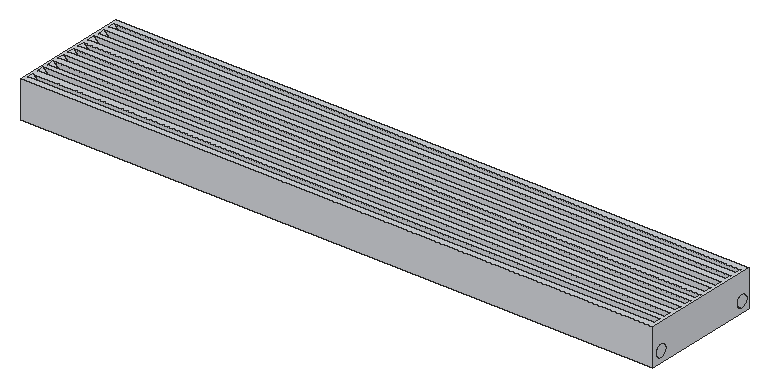
Revit family "SL10", category Mechanical Equipment, Revit 2017
Family settings
  Round Connector Dimension = Use Diameter
  Part Type = Normal
  OmniClass Number = 23.75.00.00
  OmniClass Title = Climate Control (HVAC)
  Work Plane-Based = No
  Always vertical = Yes
  Cut with Voids When Loaded = No
  Shared = No
  Room Calculation Point = No
Parameters
  Width = 227 mm
  Length = 1200 mm
  Height = 200 mm
Reference planes
  plane 1 "Center (Front/Back)": y = 0
  plane 2: z = 0
  plane 3 "Center (Left/Right)": x = 0
  plane 4: x = 0
  plane 5: x = -600
  plane 6: x = 600
  plane 7: x = -595
  plane 8: x = -580
  plane 9: x = 595
  plane 10: x = 580
  plane 11: x = 597
  plane 12: x = -597
  plane 13: z = 270
  plane 14: z = 255
  plane 15: z = 215
  plane 16: z = 200
  plane 17: y = -3
  plane 18: y = -227
  plane 19: y = -224
  plane 20: y = -209
  plane 21: y = -18
  plane 22: x = -530
  plane 23: x = 530
  plane 24: x = -533
  plane 25: x = 533
  plane 26 "Center": y = -113.5
Forms (mm)
  Extrusion 1, solid
    sketch origin (0, 0, 0) x (1, 0, 0) y (0, 0, 1)
      loop
        line (-600, 270) -> (-600, 200) -> (-595, 200) -> (-580, 215) -> (-580, 255) -> (-595, 270) -> (-600, 270)
      loop
        line (600, 270) -> (595, 270) -> (580, 255) -> (580, 215) -> (595, 200) -> (600, 200) -> (600, 270)
    from 0 to 227
  Extrusion 2, solid
    sketch origin (0, 0, 0) x (1, 0, 0) y (0, 1, 0)
      loop
        line (-595, 0) -> (-595, -11) -> (595, -11) -> (595, 0) -> (-595, 0)
    from 200 to 270
  Extrusion 3, solid
    sketch origin (0, -24, 0) x (1, 0, 0) y (0, 1, 0)
      loop
        line (-595, 0) -> (-595, -11) -> (595, -11) -> (595, 0) -> (-595, 0)
    from 200 to 270
  Extrusion 4, solid
    sketch origin (0, -48, 0) x (1, 0, 0) y (0, 1, 0)
      loop
        line (-595, 0) -> (-595, -11) -> (595, -11) -> (595, 0) -> (-595, 0)
    from 200 to 270
  Extrusion 5, solid
    sketch origin (0, -72, 0) x (1, 0, 0) y (0, 1, 0)
      loop
        line (-595, 0) -> (-595, -11) -> (595, -11) -> (595, 0) -> (-595, 0)
    from 200 to 270
  Extrusion 6, solid
    sketch origin (0, -96, 0) x (1, 0, 0) y (0, 1, 0)
      loop
        line (-595, 0) -> (-595, -11) -> (595, -11) -> (595, 0) -> (-595, 0)
    from 200 to 270
  Extrusion 7, solid
    sketch origin (0, -120, 0) x (1, 0, 0) y (0, 1, 0)
      loop
        line (-595, 0) -> (-595, -11) -> (595, -11) -> (595, 0) -> (-595, 0)
    from 200 to 270
  Extrusion 8, solid
    sketch origin (0, -144, 0) x (1, 0, 0) y (0, 1, 0)
      loop
        line (-595, 0) -> (-595, -11) -> (595, -11) -> (595, 0) -> (-595, 0)
    from 200 to 270
  Extrusion 9, solid
    sketch origin (0, -168, 0) x (1, 0, 0) y (0, 1, 0)
      loop
        line (-595, 0) -> (-595, -11) -> (595, -11) -> (595, 0) -> (-595, 0)
    from 200 to 270
  Extrusion 10, solid
    sketch origin (0, -192, 0) x (1, 0, 0) y (0, 1, 0)
      loop
        line (-595, 0) -> (-595, -11) -> (595, -11) -> (595, 0) -> (-595, 0)
    from 200 to 270
  Extrusion 11, solid
    sketch origin (0, -216, 0) x (1, 0, 0) y (0, 1, 0)
      loop
        line (-595, 0) -> (-595, -11) -> (595, -11) -> (595, 0) -> (-595, 0)
    from 200 to 270
  Extrusion 12, solid
    sketch origin (0, 0, 0) x (0, 1, 0) y (0, 0, 1)
      loop
        circle (-17.5, 222) r 10.5
      loop
        circle (-209.5, 222) r 10.5
    from -600 to -602
  Extrusion 13, solid
    sketch origin (0, 0, 0) x (0, 1, 0) y (0, 0, -1)
      loop
        circle (-17.5, -222) r 10.5
      loop
        circle (-209.5, -222) r 10.5
    from -600 to -602
Cuts and joins
  joined: Extrusion 1, Extrusion 2, Extrusion 3, Extrusion 4, Extrusion 5, Extrusion 6, Extrusion 7, Extrusion 8, Extrusion 9, Extrusion 10, Extrusion 11
Dimensions and locks
  equal spacing: plane 5, plane 4, plane 6
  "Length": plane 5 to plane 6
  locked: plane 7 to plane 8 at 15
  locked: plane 5 to plane 7 at 5
  locked: plane 9 to plane 10 at 15
  locked: plane 6 to plane 9 at 5
  locked: plane 11 to plane 6 at 3
  locked: plane 5 to plane 12 at 3
  "Height": plane 16 to level
  locked: plane 13 to plane 14 at 15
  locked: plane 13 to plane 16 at 70
  locked: plane 15 to plane 16 at 15
  "Width": plane 18 to plane 1 "Center (Front/Back)"
  locked: plane 23 to plane 6 at 70
  locked: plane 17 to plane 1 "Center (Front/Back)" at 3
  locked: plane 19 to plane 18 at 3
  locked: plane 21 to plane 1 "Center (Front/Back)" at 18
  locked: plane 20 to plane 18 at 18
  locked: plane 24 to plane 22 at 3
  locked: plane 23 to plane 25 at 3
  Extrusion 2 sketch curve to Extrusion 2 sketch curve = 11 mm
  Extrusion 3 sketch curve to Extrusion 3 sketch curve = 11 mm
  Extrusion 4 sketch curve to Extrusion 4 sketch curve = 11 mm
  Extrusion 5 sketch curve to Extrusion 5 sketch curve = 11 mm
  Extrusion 6 sketch curve to Extrusion 6 sketch curve = 11 mm
  Extrusion 7 sketch curve to Extrusion 7 sketch curve = 11 mm
  Extrusion 8 sketch curve to Extrusion 8 sketch curve = 11 mm
  Extrusion 9 sketch curve to Extrusion 9 sketch curve = 11 mm
  Extrusion 10 sketch curve to Extrusion 10 sketch curve = 11 mm
  Extrusion 11 sketch curve to Extrusion 11 sketch curve = 11 mm
  locked: plane 5 to plane 22 at 70
  equal spacing: plane 18, plane 26 "Center", plane 1 "Center (Front/Back)"
  locked: Extrusion 2 to Extrusion 2 at 11
  locked: Extrusion 3 to Extrusion 2 at 13
  plane 21 to Extrusion 3 to Extrusion 3 = 6 mm locked, 11 mm locked
  locked: Extrusion 4 to Extrusion 3 at 13
  locked: Extrusion 4 to Extrusion 4 at 11
  locked: Extrusion 5 to Extrusion 4 at 13
  locked: Extrusion 5 to Extrusion 5 at 11
  locked: Extrusion 6 to Extrusion 5 at 13
  locked: Extrusion 6 to Extrusion 6 at 11
  locked: Extrusion 7 to Extrusion 6 at 13
  locked: Extrusion 7 to Extrusion 7 at 11
  locked: Extrusion 8 to Extrusion 7 at 13
  locked: Extrusion 8 to Extrusion 8 at 11
  locked: Extrusion 9 to Extrusion 8 at 13
  locked: Extrusion 9 to Extrusion 9 at 11
  locked: Extrusion 10 to Extrusion 9 at 13
  locked: Extrusion 10 to Extrusion 10 at 11
  locked: Extrusion 11 to Extrusion 10 at 13
  locked: Extrusion 11 to Extrusion 11 at 11
  locked: plane 1 "Center (Front/Back)" to Extrusion 12 sketch curve at 17.5
  Extrusion 12 sketch curve to plane 16 = 22 mm
  locked: Extrusion 12 sketch curve to plane 18 at 17.5
  locked: Extrusion 12 sketch curve to plane 16 at 22
  locked: plane 5 to Extrusion 12 at 2
  locked: plane 6 to Extrusion 13 at 2
  aligned and locked: level to plane 2
  aligned and locked: plane 5 to Extrusion 1 sketch curve
  aligned and locked: Extrusion 1 sketch curve to plane 8
  aligned and locked: plane 16 to Extrusion 1 sketch curve
  aligned and locked: Extrusion 1 sketch curve to plane 13
  aligned and locked: Extrusion 1 sketch curve to plane 6
  aligned and locked: plane 13 to Extrusion 1 sketch curve
  aligned and locked: plane 10 to Extrusion 1 sketch curve
  aligned and locked: Extrusion 1 sketch curve to plane 16
  aligned and locked: plane 13 to Extrusion 2
  aligned and locked: Extrusion 2 to plane 16
  aligned and locked: Extrusion 11 to plane 9
  aligned and locked: Extrusion 10 to plane 9
  aligned and locked: Extrusion 9 to plane 9
  aligned and locked: Extrusion 8 to plane 9
  aligned and locked: Extrusion 7 to plane 9
  aligned and locked: Extrusion 6 to plane 9
  aligned and locked: Extrusion 5 to plane 9
  aligned and locked: Extrusion 4 to plane 9
  aligned and locked: Extrusion 3 to plane 9
  aligned and locked: Extrusion 2 to plane 9
  aligned and locked: plane 13 to Extrusion 11
  aligned and locked: plane 13 to Extrusion 10
  aligned and locked: plane 13 to Extrusion 9
  aligned and locked: plane 13 to Extrusion 8
  aligned and locked: plane 13 to Extrusion 7
  aligned and locked: plane 13 to Extrusion 6
  aligned and locked: plane 13 to Extrusion 5
  aligned and locked: plane 13 to Extrusion 4
  aligned and locked: plane 13 to Extrusion 3
  aligned and locked: Extrusion 11 to plane 16
  aligned and locked: Extrusion 10 to plane 16
  aligned and locked: Extrusion 9 to plane 16
  aligned and locked: Extrusion 8 to plane 16
  aligned and locked: Extrusion 7 to plane 16
  aligned and locked: Extrusion 6 to plane 16
  aligned and locked: Extrusion 5 to plane 16
  aligned and locked: Extrusion 4 to plane 16
  aligned and locked: Extrusion 3 to plane 16
  aligned and locked: Extrusion 1 to plane 18
  aligned and locked: plane 6 to Extrusion 13
  aligned and locked: plane 5 to Extrusion 12
Automatic sketch dimensions
  Extrusion 1 sketch curve to plane 7 = 0 mm  (x2)
  plane 9 to Extrusion 1 sketch curve = 0 mm  (x2)
  Extrusion 1 sketch curve to plane 15 = 0 mm  (x2)
  Extrusion 1 sketch curve to plane 14 = 0 mm  (x2)
  plane 1 "Center (Front/Back)" to Extrusion 2 sketch curve = 0 mm
  Extrusion 2 sketch curve to plane 7 = 0 mm
  Extrusion 2 sketch curve to plane 9 = 0 mm
  Extrusion 3 sketch curve to plane 7 = 0 mm
  Extrusion 3 sketch curve to plane 9 = 0 mm
  Extrusion 3 sketch curve to plane 21 = 17 mm
  Extrusion 4 sketch curve to plane 7 = 0 mm
  Extrusion 4 sketch curve to plane 9 = 0 mm
  Extrusion 4 sketch curve to plane 21 = 41 mm
  Extrusion 5 sketch curve to plane 7 = 0 mm
  Extrusion 5 sketch curve to plane 9 = 0 mm
  Extrusion 5 sketch curve to plane 21 = 65 mm
  Extrusion 6 sketch curve to plane 7 = 0 mm
  Extrusion 6 sketch curve to plane 9 = 0 mm
  plane 26 "Center" to Extrusion 6 sketch curve = 6.5 mm
  Extrusion 7 sketch curve to plane 7 = 0 mm
  Extrusion 7 sketch curve to plane 9 = 0 mm
  Extrusion 7 sketch curve to plane 26 "Center" = 17.5 mm
  Extrusion 8 sketch curve to plane 7 = 0 mm
  Extrusion 8 sketch curve to plane 9 = 0 mm
  Extrusion 8 sketch curve to plane 26 "Center" = 41.5 mm
  Extrusion 9 sketch curve to plane 7 = 0 mm
  Extrusion 9 sketch curve to plane 9 = 0 mm
  Extrusion 9 sketch curve to plane 26 "Center" = 65.5 mm
  Extrusion 10 sketch curve to plane 7 = 0 mm
  Extrusion 10 sketch curve to plane 9 = 0 mm
  Extrusion 10 sketch curve to plane 26 "Center" = 89.5 mm
  Extrusion 11 sketch curve to plane 7 = 0 mm
  Extrusion 11 sketch curve to plane 9 = 0 mm
  Extrusion 11 sketch curve to plane 26 "Center" = 113.5 mm
  Extrusion 13 sketch curve to plane 20 = 0.5 mm
  plane 21 to Extrusion 13 sketch curve = 0.5 mm
  Extrusion 13 sketch curve to plane 15 = 7 mm  (x2)
  radius of Extrusion 12 sketch curve = 10.5 mm  (x2)
  radius of Extrusion 13 sketch curve = 10.5 mm  (x2)
